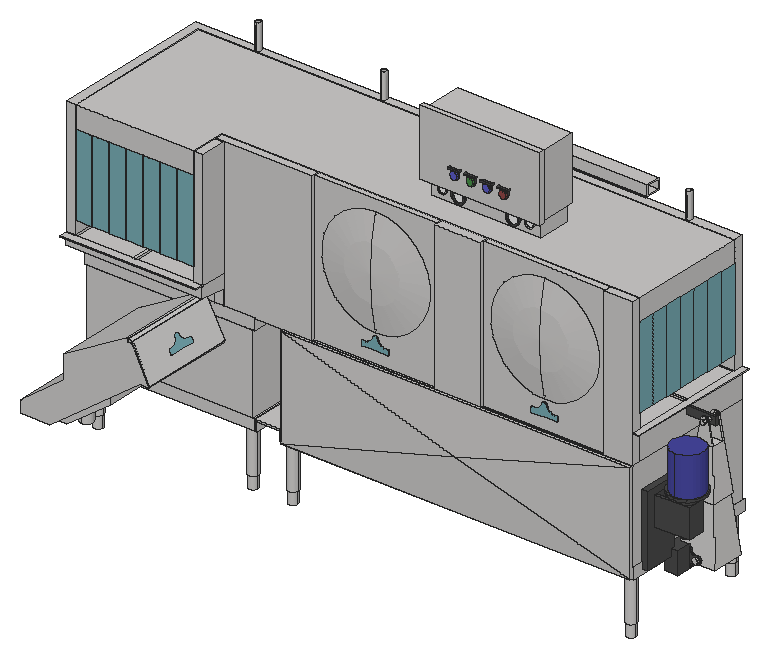
Revit family (continued)
Definition of nested family "QF_Stero_ER-94SC_L-R_E_HW2"
  Parameters (values of type "Nested")
    Watermarked By = "http://revitwatermark.com"
    Type Comments = "⍁⍉⌁⌀⏭⎽⌇⍠⌜⍉⎖⌥⌦⌯⍭⏊⍻⍿⍊⏵⍊⏗⏠⍴⎡⌈⎀⍠⌓⌤⏘⎐⍀⌐⏬⏁⎈⏍⏦⎒⏬⌝⍩⍇⌣〈⎫〉⎁⏊⍥⍖⍥⍝⍦⌖⍀⏌⏭⎝⎼⏷⏞⍻⏯⎽⏷⏞⍻⏯⎽⏷⎺⌻⎝⍎⌧⏷⏟⏿⌿⍜⍦⍤⌁⍬⏶⏎⍊⏚⏉⎞⌡⎀⎪⏈⌟⌿⍾⍼⌟⌿⌢⏮⏝⏝⏛⎽⎻⎷⎳⎻⎗⌾⍼⎴⏿⏰⏑⏮⍮⍺⏼⏅⎏⌽⌻⍽⎝⍮⎧⎯⏛⎼⎮⍾⏬⏇⏎⏳⏦⏠⎧⎳⍷⏿⌏"
    Plumbing Remarks [instance] = ""
    Item Number [instance] = "-"
    Hot Water Temperature [instance] = 0 °F
    Hot Water Size [instance] = 1/4"
    Hot Water RI Height [instance] = 0' - 0"
    Hot Water Minimum Pressure [instance] = 0.00 psi
    Hot Water Maximum Pressure [instance] = 0.00 psi
    Hot Water Flow [instance] = 0.00 GPM
    Hot Water Consumption [instance] = 0.00 GPM
    Hot Water Connection Height [instance] = 0' - 0"
    Description = ""
    Hot Water Size Radius [instance] = Hot Water Size / 2  # 1/8"
    Assembly Code = ""
  Reference planes (in)
    plane 1 "Center (Back)": y = 0
    plane 2: z = 0
    plane 3 "Center (Left)": x = 0
  Lines and regions (in)
    symbolic lines, style "QF_Multiple Utilities"
      curve 1: circle (0, 0, 0) r 0.125 normal (0, 0, 1)
  Dimensions and locks (in)
    "Hot Water Size Radius": radius of curve 1
    aligned and locked: level to plane 2
  Automatic sketch dimensions
    plane 1 "Center (Back)" to curve 1 = 0' - 0"
    curve 1 to plane 3 "Center (Left)" = 0' - 0"
Types (3): name | Watermarked By | Volts | FL Amps | Apparent Power
  (no name) | "" | 208 V | 83.6 A | 30082.6 VA
  208/60/3 | "http://revitwatermark.com" | 208 V | 83.6 A | 30082.6 VA
  480/60/3 | "" | 480 V | 37.9 A | 31472.2 VA
